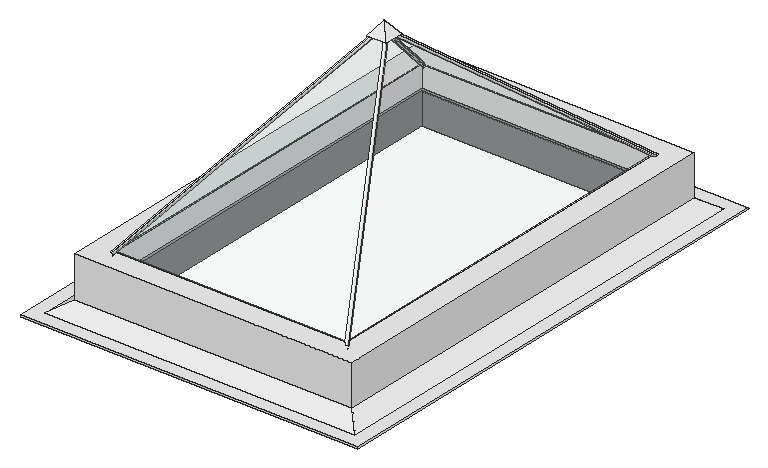
Revit family "WSL_A3-Skylight-Pyramid-SMARTBIM", category Windows, host Roof, Revit 2016
Family settings
  Host = Roof
  Always vertical = No
  Cut with Voids When Loaded = No
  Shared = No
  Room Calculation Point = No
Parameters (values of type "Parametric")
  Width = 5' - 0"
  Subcategory = "Skylight\r\n"
  SmartBIM Object Version = 3  # constant formula
  SmartBIM Object Created By = "SMARTBIM, LLC"  # "Reed Construction Data"
  Mullion Radius Note = "Only 1 inch "  # constant formula
  Mullion = Mullion Material
  Mullion Radius = 0' - 0 1/4"
  Manufacturer = "SMARTBIM"
  Length = 3' - 0"
  Height = 2' - 0"
  Glass Width = Width + 0' 1"  # 5' - 1"
  Glass Length = Length + 0' 1"  # 3' - 1"
  Glass = skylight glass
  Total Frame Height = Frame Height + Curb Height  # 0' - 8 1/2"
  Frame Height = 0' - 3 1/2"
  Frame = Metal Aluminium
  Curb Height = 0' - 5"
  Curb Depth = 0' - 3 1/2"
  Cap Length = 0' - 3"
  Cap Height = 0' - 2"
  Assembly Code = "B3020110"
  95 CSI = "08600"
  04 CSI = "08 60 00"
Reference planes (in)
  plane 1 "Center (Front/Back)": y = 0
  plane 2 "Roof": z = 144
  plane 3 "Center (Left/Right)": x = 0
  plane 4 "Roof Plane": z = 150
  plane 5: y = -30
  plane 6: y = 30
  plane 7: x = -18
  plane 8: x = 18
  plane 9: z = 158.5
  plane 10 "Glass Base Plane": z = 158.5
  plane 11 "voidp": z = 158
  plane 12: z = 182.5
  plane 13: z = 184.5
Forms (in)
  Extrusion 1, solid, material "Curb"
    sketch origin (0, 0, 150) x (0, -1, 0) y (1, 0, 0)
      loop
        line (-33.5, -21.5) -> (33.5, -21.5) -> (33.5, 21.5) -> (-33.5, 21.5) -> (-33.5, -21.5)
      loop
        line (-30, -18) -> (30, -18) -> (30, 18) -> (-30, 18) -> (-30, -18)
    from 0 to 5 <- "Curb Height"
  Sweep 2, solid, material "Metal Aluminium" <- "Frame"
    path origin (0, 0, 150) x (0, -1, 0) y (1, 0, 0)
      loop
        line (-29.99943, -18) -> (30.00057, -18) -> (30.00057, 18) -> (-29.99943, 18) -> (-29.99943, -18)
    profile origin (0, 29.99943, 150) x (0, 1, 0) y (0, 0, 1)
      loop
        line (0.50057, 5) -> (3.75057, 5) -> (3.75057, 1.86662) -> (6.55064, 0.0196) -> (8.77789, 0.0196) -> (8.77789, 0.2696) -> (6.62567, 0.2696) -> (4.00057, 2.00121) -> (4.00057, 8.5) -> (0.50057, 8.5) -> (0.50057, 5)
  Sweep 3, solid, material "Mullion Material" <- "Mullion"
    path in 3D
      loop
        line (1, 1, 182.5) -> (19.91593, 32.88685, 156.55816)
    profile origin (10.45796, 16.94342, 169.52908) x (-0.908433, 0.324272, -0.263814) y (0, 0.631087, 0.775712)
      loop
        circle (0, 0) r 0.25
  Blend 4, solid, material "Mullion Material" <- "Mullion"
    base sketch origin (-18.5, -180, 182.5) x (0, -1, 0) y (1, 0, 0)
      loop
        line (-181.5, 17) -> (-178.5, 17) -> (-178.5, 20) -> (-181.5, 20) -> (-181.5, 17)
    top sketch origin (-18.5, -180, 182.5) x (0, -1, 0) y (1, 0, 0)
      loop
        line (-180.0625, 18.4375) -> (-179.9375, 18.4375) -> (-179.9375, 18.5625) -> (-180.0625, 18.5625) -> (-180.0625, 18.4375)
    from 0 to 2
  Sweep 5, solid, material "Mullion Material" <- "Mullion"
    path in 3D
      loop
        line (19.91593, -32.88685, 156.55816) -> (1, -1, 182.5)
    profile origin (10.45796, -16.94342, 169.52908) x (-0.908433, -0.324272, -0.263814) y (0, -0.631087, 0.775712)
      loop
        circle (0, 0) r 0.25
  Sweep 6, solid, material "Mullion Material" <- "Mullion"
    path in 3D
      loop
        line (-19.91593, -32.88685, 156.55816) -> (-1, -1, 182.5)
    profile origin (-10.45796, -16.94342, 169.52908) x (-0.415179, 0.709524, -0.569388) y (-0.808008, 0, 0.589172)
      loop
        circle (0, 0) r 0.25
  Sweep 7, solid, material "Mullion Material" <- "Mullion"
    path in 3D
      loop
        line (-19.91593, 32.88685, 156.55816) -> (-1, 1, 182.5)
    profile origin (-10.45796, 16.94342, 169.52908) x (0.908433, 0.324272, -0.263814) y (0, 0.631087, 0.775712)
      loop
        circle (0, 0) r 0.25
Lines and regions (in)
  Opening 1
    outline origin (0, 0, 150) x (0, 1, 0) y (-1, 0, 0)
      loop
        line (30, -18) -> (30, 18) -> (-30, 18) -> (-30, -18) -> (30, -18)
  sketch lines
    curve 1: line (1, 1, 182.5) -> (19.91593, 32.88685, 156.55816)
    curve 2: line (19.91593, -32.88685, 156.55816) -> (1, -1, 182.5)
    curve 3: line (-19.91593, -32.88685, 156.55816) -> (-1, -1, 182.5)
    curve 4: line (-19.91593, 32.88685, 156.55816) -> (-1, 1, 182.5)
Dimensions and locks (in)
  equal spacing: host sketch curve, plane 3 "Center (Left/Right)", host sketch curve
  equal spacing: host sketch curve, plane 1 "Center (Front/Back)", host sketch curve
  "Length": Extrusion 1 sketch curve to Extrusion 1 sketch curve
  "Width": Extrusion 1 sketch curve to Extrusion 1 sketch curve
  "Curb Depth": Extrusion 1 sketch curve to Extrusion 1 sketch curve  (x3)
  "Length": plane 7 to plane 8
  "Width": plane 6 to plane 5
  Sweep 2 sketch curve to Extrusion 1 = 0' - 0 1/2"
  equal spacing: plane 6, plane 1 "Center (Front/Back)", plane 5
  equal spacing: plane 7, plane 3 "Center (Left/Right)", plane 8
  equal spacing: Extrusion 1 sketch curve, plane 1 "Center (Front/Back)", Extrusion 1 sketch curve
  equal spacing: Extrusion 1 sketch curve, plane 3 "Center (Left/Right)", Extrusion 1 sketch curve
  "Frame Height": Sweep 2 sketch curve to Sweep 2 sketch curve
  "Curb Depth": Sweep 2 sketch curve to Sweep 2 sketch curve
  plane 6 to Sweep 2 = 0' - 0 1/2"
  Sweep 2 to Extrusion 1 = 0' - 0.50057"
  Extrusion 1 to Sweep 2 = 0' - 0.50115"
  Extrusion 1 to Sweep 2 = 0' - 0.50057"
  plane 10 "Glass Base Plane" to plane 11 "voidp" = 0' - 0 1/2"
  Sweep 2 sketch curve to Sweep 2 sketch curve = 0' - 0 1/4"  (x2)
  "Length": Opening 1 sketch curve to Opening 1 sketch curve
  equal spacing: Opening 1 sketch curve, plane 3 "Center (Left/Right)", Opening 1 sketch curve
  "Width": Opening 1 sketch curve to Opening 1 sketch curve
  equal spacing: Opening 1 sketch curve, plane 1 "Center (Front/Back)", Opening 1 sketch curve
  "Curb Height": Sweep 2 sketch curve to profile plane
  "Total Frame Height": plane 4 "Roof Plane" to plane 10 "Glass Base Plane"
  host roof to plane 4 "Roof Plane" = 0' - 0"
  locked: plane 11 "voidp" to plane 10 "Glass Base Plane" at 0.5
  "Height": plane 12 to plane 10 "Glass Base Plane"
  equal spacing: Blend 4 sketch curve, nested 1, Blend 4 sketch curve  (x2)
  "Cap Height": plane 13 to plane 12
  equal spacing: Blend 4 sketch curve, plane 3 "Center (Left/Right)", Blend 4 sketch curve
  equal spacing: Blend 4 sketch curve, plane 1 "Center (Front/Back)", Blend 4 sketch curve
  "Cap Length": Blend 4 sketch curve to Blend 4 sketch curve  (x2)
  "Mullion Radius": radius of Sweep 3 sketch curve
  "Mullion Radius": radius of Sweep 5 sketch curve
  "Mullion Radius": radius of Sweep 6 sketch curve
  "Mullion Radius": radius of Sweep 7 sketch curve
  aligned and locked: plane 2 "Roof" to level
  aligned and locked: Extrusion 1 sketch curve to plane 7
  aligned and locked: plane 4 "Roof Plane" to host roof
  aligned and locked: plane 3 "Center (Left/Right)" to nested 1
  aligned and locked: plane 10 "Glass Base Plane" to nested 1
  aligned and locked: plane 12 to nested 1
  aligned and locked: plane 1 "Center (Front/Back)" to nested 1
Automatic sketch dimensions
  Sweep 2 sketch curve to plane 8 = 0' - 0"
  Sweep 2 sketch curve to plane 7 = 0' - 0"
  Sweep 2 sketch curve to plane 6 = 0' - 0.00057"
  Sweep 2 sketch curve to plane 5 = 0' - 0.00057"
  Sweep 2 sketch curve to Sweep 2 sketch curve = 0' - 0 1/4"
  Sweep 2 sketch curve to plane 4 "Roof Plane" = 0' - 0.0196"
  Sweep 2 sketch curve to Sweep 2 sketch curve = 0' - 2.55007"
  Sweep 2 sketch curve to Sweep 2 sketch curve = 0' - 0.07503"
  Sweep 2 sketch curve to Sweep 2 sketch curve = 0' - 2.15222"
  Sweep 3 sketch curve to profile plane = 0' - 0"  (x2)
  Blend 4 sketch curve to plane 3 "Center (Left/Right)" = 0' - 0 1/16"
  Blend 4 sketch curve to plane 1 "Center (Front/Back)" = 0' - 0 1/16"
  Sweep 5 sketch curve to profile plane = 0' - 0"  (x2)
  Sweep 6 sketch curve to profile plane = 0' - 0"  (x2)
  Sweep 7 sketch curve to profile plane = 0' - 0"  (x2)
Nested families (in)
  nested 1: "Glass Extrusion-Pyramid" at (0, 0, 158.5), type "Glass Extrusion"
    with Width 3' - 1", Length 5' - 1", Apex 2' - 0"
Definition of nested family "Glass Extrusion-Pyramid"
  Parameters
    Width = 4' - 0"
    Length = 6' - 0"
    Glass = none
    Apex = 3' - 0"
  Reference planes (in)
    plane 1 "Center (Front/Back)": y = 0
    plane 2: z = 0
    plane 3 "Center (Left/Right)": x = 0
    plane 4: x = -24
    plane 5: x = 24
    plane 6: y = 36
    plane 7: y = -36
    plane 8: z = 36
    plane 9: z = 35.75
    plane 10: z = 0.25
    plane 11: x = -23.75
    plane 12: x = 23.75
    plane 13: y = 35.75
    plane 14: y = -35.75
  Forms (in)
    Blend 1, solid, material <- "Glass"
      base sketch origin (0, 0, 0) x (1, 0, 0) y (0, 1, 0)
        loop
          line (-24, 36) -> (-24, -36) -> (24, -36) -> (24, 36) -> (-24, 36)
      top sketch origin (0, 0, 0) x (1, 0, 0) y (0, 1, 0)
        loop
          line (-1, 1) -> (-1, -1) -> (1, -1) -> (1, 1) -> (-1, 1)
      from 0 to 36
    Blend 2, void
      base sketch origin (0, 0, 0) x (0, 1, 0) y (-1, 0, 0)
        loop
          line (35.75, 23.75) -> (-35.75, 23.75) -> (-35.75, -23.75) -> (35.75, -23.75) -> (35.75, 23.75)
      top sketch origin (0, 0, 0) x (0, 1, 0) y (-1, 0, 0)
        loop
          line (0.75, -0.75) -> (0.75, 0.75) -> (-0.75, 0.75) -> (-0.75, -0.75) -> (0.75, -0.75)
      from 0 to 35.75
  Cuts and joins
    Blend 2 cuts Blend 1
  Dimensions and locks (in)
    equal spacing: plane 4, plane 3 "Center (Left/Right)", plane 5
    "Width": plane 4 to plane 5
    equal spacing: plane 6, plane 1 "Center (Front/Back)", plane 7
    "Length": plane 6 to plane 7
    "Apex": plane 8 to plane 2
    equal spacing: Blend 1 sketch curve, plane 3 "Center (Left/Right)", Blend 1 sketch curve
    equal spacing: Blend 1 sketch curve, plane 1 "Center (Front/Back)", Blend 1 sketch curve
    locked: plane 8 to plane 9 at 0.25
    locked: plane 10 to plane 2 at 0.25
    locked: plane 11 to plane 4 at 0.25
    locked: plane 12 to plane 5 at 0.25
    locked: plane 6 to plane 13 at 0.25
    locked: plane 7 to plane 14 at 0.25
    locked: Blend 1 to Blend 2 sketch curve at 0.25  (x3)
    locked: Blend 2 sketch curve to Blend 1 at 0.25
    aligned and locked: plane 2 to level
    aligned and locked: plane 4 to Blend 1 sketch curve
    aligned and locked: Blend 1 sketch curve to plane 6
    aligned and locked: plane 7 to Blend 1 sketch curve
    aligned and locked: plane 5 to Blend 1 sketch curve
    aligned and locked: plane 8 to Blend 1
    aligned and locked: Blend 1 to level
    aligned and locked: Blend 1 to plane 2
    aligned and locked: plane 11 to Blend 2 sketch curve
    aligned and locked: plane 13 to Blend 2 sketch curve
    aligned and locked: plane 14 to Blend 2 sketch curve
    aligned and locked: Blend 2 sketch curve to plane 12
    aligned and locked: plane 9 to Blend 2
  Automatic sketch dimensions
    Blend 1 sketch curve to plane 3 "Center (Left/Right)" = 0' - 1"
    plane 1 "Center (Front/Back)" to Blend 1 sketch curve = 0' - 1"
